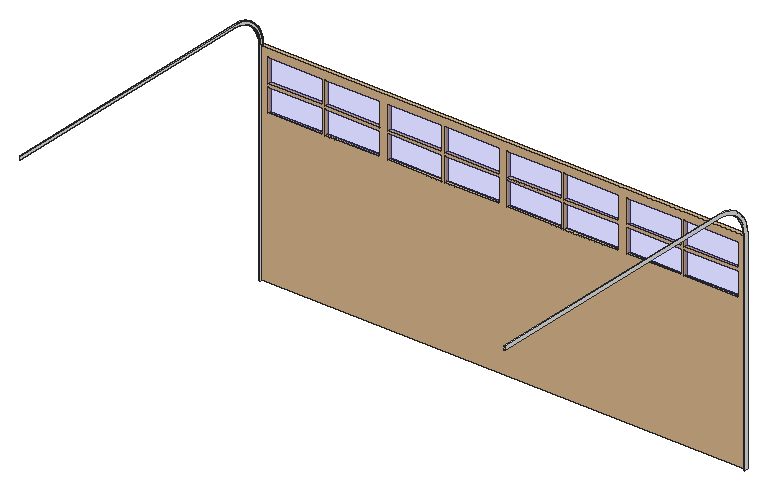
Revit family
Parameters (values of type "7Ft H x 16Ft W")
  Track Width = Width + 0' 2"  # 16' - 2"
  Track Height = Height + 1' 0"  # 8' - 0"
  Track Depth = 10' - 0"
  Track = Metal
  SmartBIM Object Version = 1  # constant formula
  SmartBIM Object Created By = "Reed Construction Data"  # constant formula
  Rough Width = 0' - 0"
  Rough Height = 0' - 0"
  Panel Thickness = 0' - 1 1/2"
  Manufacturer = ""
  Height = 7' - 0"
  Wall Closure = (empty or 0)
  Width = 16' - 0"
  Door Glass = Glass
  Door = Wood
  95 CSI = "08360"  # constant formula
  04 CSI = "08 36 13"  # constant formula
Types (3): name | Track Width | Width
  (no name) | 16' - 2" | 16' - 0"
  7Ft H x 8Ft W | 8' - 2" | 8' - 0"
  7Ft H x 16Ft W | 16' - 2" | 16' - 0"
Reference planes (in)
  plane 1 "Center (Front/Back)": y = 0
  plane 2 "Center (Left/Right)": x = 0
  plane 3 "Left": x = -96
  plane 4 "Right": x = 96
  plane 5 "Top": z = 84
  plane 6: x = -97
  plane 7: x = 97
  plane 8: y = -3.25
  plane 9: z = 60.75
  plane 10: z = 20.25
  plane 11: z = 40.5
  plane 12: z = 81
  plane 13: x = 48
  plane 14: x = -48
  plane 15: y = -2.5
  plane 16: y = -2.5
  plane 17 "Ext": y = -3.25
  plane 18: y = -2.5
  plane 19 "Int": y = -1.75
  plane 20: x = -72
  plane 21: x = -24
  plane 22: x = 24
  plane 23: x = 72
  plane 24: z = 70.875
Forms (in)
  Extrusion 1, solid, material "Wood" <- "Door"
    sketch origin (0, 0, 0) x (1, 0, 0) y (0, 0, 1)
      loop
        line (-97, 84) -> (-97, 0) -> (97, 0) -> (97, 84) -> (-97, 84)
      loop
        line (94.5, 60.75) -> (94.5, 70.375) -> (72.5, 70.375) -> (72.5, 60.75) -> (94.5, 60.75)
      loop
        line (46.5, 60.75) -> (46.5, 70.375) -> (24.5, 70.375) -> (24.5, 60.75) -> (46.5, 60.75)
      loop
        line (49.5, 81) -> (49.5, 71.375) -> (71.5, 71.375) -> (71.5, 81) -> (49.5, 81)
      loop
        line (94.5, 81) -> (72.5, 81) -> (72.5, 71.375) -> (94.5, 71.375) -> (94.5, 81)
      loop
        line (46.5, 81) -> (24.5, 81) -> (24.5, 71.375) -> (46.5, 71.375) -> (46.5, 81)
      loop
        line (-1.5, 60.75) -> (-1.5, 70.375) -> (-23.5, 70.375) -> (-23.5, 60.75) -> (-1.5, 60.75)
      loop
        line (1.5, 81) -> (1.5, 71.375) -> (23.5, 71.375) -> (23.5, 81) -> (1.5, 81)
      loop
        line (-1.5, 81) -> (-23.5, 81) -> (-23.5, 71.375) -> (-1.5, 71.375) -> (-1.5, 81)
      loop
        line (-49.5, 60.75) -> (-49.5, 70.375) -> (-71.5, 70.375) -> (-71.5, 60.75) -> (-49.5, 60.75)
      loop
        line (-46.5, 81) -> (-46.5, 71.375) -> (-24.5, 71.375) -> (-24.5, 81) -> (-46.5, 81)
      loop
        line (-49.5, 81) -> (-71.5, 81) -> (-71.5, 71.375) -> (-49.5, 71.375) -> (-49.5, 81)
      loop
        line (-94.5, 81) -> (-94.5, 71.375) -> (-72.5, 71.375) -> (-72.5, 81) -> (-94.5, 81)
      loop
        line (-72.5, 60.75) -> (-72.5, 70.375) -> (-94.5, 70.375) -> (-94.5, 60.75) -> (-72.5, 60.75)
      loop
        line (-24.5, 60.75) -> (-24.5, 70.375) -> (-46.5, 70.375) -> (-46.5, 60.75) -> (-24.5, 60.75)
      loop
        line (23.5, 60.75) -> (23.5, 70.375) -> (1.5, 70.375) -> (1.5, 60.75) -> (23.5, 60.75)
      loop
        line (71.5, 60.75) -> (71.5, 70.375) -> (49.5, 70.375) -> (49.5, 60.75) -> (71.5, 60.75)
    from 1.75 to 3.25
  Extrusion 2, solid, material "Glass" <- "Door Glass"
    sketch origin (0, 0, 0) x (1, 0, 0) y (0, 0, 1)
      loop
        line (94.5, 81) -> (49.5, 81) -> (49.5, 60.75) -> (94.5, 60.75) -> (94.5, 81)
      loop
        line (46.5, 81) -> (1.5, 81) -> (1.5, 60.75) -> (46.5, 60.75) -> (46.5, 81)
      loop
        line (-1.5, 81) -> (-46.5, 81) -> (-46.5, 60.75) -> (-1.5, 60.75) -> (-1.5, 81)
      loop
        line (-49.5, 81) -> (-94.5, 81) -> (-94.5, 60.75) -> (-49.5, 60.75) -> (-49.5, 81)
    from 2.375 to 2.625
Lines and regions (in)
  Opening 1
    outline origin (-90, -1.75, 0) x (1, 0, 0) y (0, 0, 1)
      loop
        line (-6, 0) -> (186, 0) -> (186, 84) -> (-6, 84) -> (-6, 0)
  model lines
    curve 1: line (1.5, -1.75, 42) -> (94.5, -1.75, 42)
    curve 2: line (94.5, -1.75, 42) -> (94.5, -1.75, 59.25)
    curve 3: line (94.5, -1.75, 59.25) -> (1.5, -1.75, 59.25)
    curve 4: line (93, -1.75, 57.75) -> (3, -1.75, 57.75)
    curve 5: line (3, -1.75, 43.5) -> (93, -1.75, 43.5)
    curve 6: line (93, -1.75, 43.5) -> (93, -1.75, 57.75)
    curve 7: line (1.5, -1.75, 59.25) -> (1.5, -1.75, 42)
    curve 8: line (3, -1.75, 57.75) -> (3, -1.75, 43.5)
    curve 9: line (-1.5, -1.75, 59.25) -> (-1.5, -1.75, 42)
    curve 10: line (-1.5, -1.75, 42) -> (-94.5, -1.75, 42)
    curve 11: line (-94.5, -1.75, 59.25) -> (-1.5, -1.75, 59.25)
    curve 12: line (-93, -1.75, 57.75) -> (-3, -1.75, 57.75)
    curve 13: line (-3, -1.75, 57.75) -> (-3, -1.75, 43.5)
    curve 14: line (-3, -1.75, 43.5) -> (-93, -1.75, 43.5)
    curve 15: line (-94.5, -1.75, 59.25) -> (-94.5, -1.75, 42)
    curve 16: line (-93, -1.75, 57.75) -> (-93, -1.75, 43.5)
    curve 17: line (-94.5, -1.75, 39) -> (-94.5, -1.75, 21.75)
    curve 18: line (-93, -1.75, 37.5) -> (-93, -1.75, 23.25)
    curve 19: line (-94.5, -1.75, 21.75) -> (-1.5, -1.75, 21.75)
    curve 20: line (-1.5, -1.75, 21.75) -> (-1.5, -1.75, 39)
    curve 21: line (-1.5, -1.75, 39) -> (-94.5, -1.75, 39)
    curve 22: line (-3, -1.75, 37.5) -> (-93, -1.75, 37.5)
    curve 23: line (-93, -1.75, 23.25) -> (-3, -1.75, 23.25)
    curve 24: line (-3, -1.75, 23.25) -> (-3, -1.75, 37.5)
    curve 25: line (1.5, -1.75, 21.75) -> (1.5, -1.75, 39)
    curve 26: line (3, -1.75, 23.25) -> (3, -1.75, 37.5)
    curve 27: line (1.5, -1.75, 21.75) -> (94.5, -1.75, 21.75)
    curve 28: line (94.5, -1.75, 21.75) -> (94.5, -1.75, 39)
    curve 29: line (94.5, -1.75, 39) -> (1.5, -1.75, 39)
    curve 30: line (93, -1.75, 37.5) -> (3, -1.75, 37.5)
    curve 31: line (3, -1.75, 23.25) -> (93, -1.75, 23.25)
    curve 32: line (93, -1.75, 23.25) -> (93, -1.75, 37.5)
    curve 33: line (-94.5, -1.75, 0) -> (-94.5, -1.75, 18.75)
    curve 34: line (-93, -1.75, 3) -> (-93, -1.75, 17.25)
    curve 35: line (-1.5, -1.75, 0) -> (-1.5, -1.75, 18.75)
    curve 36: line (-1.5, -1.75, 18.75) -> (-94.5, -1.75, 18.75)
    curve 37: line (-93, -1.75, 3) -> (-3, -1.75, 3)
    curve 38: line (-3, -1.75, 3) -> (-3, -1.75, 17.25)
    curve 39: line (-3, -1.75, 17.25) -> (-93, -1.75, 17.25)
    curve 40: line (1.5, -1.75, 0) -> (1.5, -1.75, 18.75)
    curve 41: line (3, -1.75, 3) -> (3, -1.75, 17.25)
    curve 42: line (94.5, -1.75, 0) -> (94.5, -1.75, 18.75)
    curve 43: line (94.5, -1.75, 18.75) -> (1.5, -1.75, 18.75)
    curve 44: line (3, -1.75, 3) -> (93, -1.75, 3)
    curve 45: line (93, -1.75, 3) -> (93, -1.75, 17.25)
    curve 46: line (93, -1.75, 17.25) -> (3, -1.75, 17.25)
    curve 47: line (-94.5, -3.25, 59.25) -> (-1.5, -3.25, 59.25)
    curve 48: line (-1.5, -3.25, 59.25) -> (-1.5, -3.25, 42)
    curve 49: line (-1.5, -3.25, 42) -> (-94.5, -3.25, 42)
    curve 50: line (-94.5, -3.25, 42) -> (-94.5, -3.25, 59.25)
    curve 51: line (-93, -3.25, 57.75) -> (-3, -3.25, 57.75)
    curve 52: line (-3, -3.25, 57.75) -> (-3, -3.25, 43.5)
    curve 53: line (-3, -3.25, 43.5) -> (-93, -3.25, 43.5)
    curve 54: line (-93, -3.25, 43.5) -> (-93, -3.25, 57.75)
    curve 55: line (3, -3.25, 57.75) -> (3, -3.25, 43.5)
    curve 56: line (3, -3.25, 43.5) -> (93, -3.25, 43.5)
    curve 57: line (93, -3.25, 43.5) -> (93, -3.25, 57.75)
    curve 58: line (93, -3.25, 57.75) -> (3, -3.25, 57.75)
    curve 59: line (1.5, -3.25, 42) -> (94.5, -3.25, 42)
    curve 60: line (94.5, -3.25, 42) -> (94.5, -3.25, 59.25)
    curve 61: line (94.5, -3.25, 59.25) -> (1.5, -3.25, 59.25)
    curve 62: line (1.5, -3.25, 59.25) -> (1.5, -3.25, 42)
    curve 63: line (3, -3.25, 23.25) -> (93, -3.25, 23.25)
    curve 64: line (93, -3.25, 23.25) -> (93, -3.25, 37.5)
    curve 65: line (93, -3.25, 37.5) -> (3, -3.25, 37.5)
    curve 66: line (3, -3.25, 37.5) -> (3, -3.25, 23.25)
    curve 67: line (1.5, -3.25, 21.75) -> (94.5, -3.25, 21.75)
    curve 68: line (94.5, -3.25, 21.75) -> (94.5, -3.25, 39)
    curve 69: line (94.5, -3.25, 39) -> (1.5, -3.25, 39)
    curve 70: line (1.5, -3.25, 39) -> (1.5, -3.25, 21.75)
    curve 71: line (-3, -3.25, 37.5) -> (-93, -3.25, 37.5)
    curve 72: line (-93, -3.25, 37.5) -> (-93, -3.25, 23.25)
    curve 73: line (-93, -3.25, 23.25) -> (-3, -3.25, 23.25)
    curve 74: line (-3, -3.25, 23.25) -> (-3, -3.25, 37.5)
    curve 75: line (-94.5, -3.25, 39) -> (-94.5, -3.25, 21.75)
    curve 76: line (-94.5, -3.25, 21.75) -> (-1.5, -3.25, 21.75)
    curve 77: line (-1.5, -3.25, 21.75) -> (-1.5, -3.25, 39)
    curve 78: line (-1.5, -3.25, 39) -> (-94.5, -3.25, 39)
    curve 79: line (-93, -3.25, 3) -> (-93, -3.25, 17.25)
    curve 80: line (-93, -3.25, 17.25) -> (-3, -3.25, 17.25)
    curve 81: line (-3, -3.25, 17.25) -> (-3, -3.25, 3)
    curve 82: line (-3, -3.25, 3) -> (-93, -3.25, 3)
    curve 83: line (-94.5, -3.25, 1.5) -> (-1.5, -3.25, 1.5)
    curve 84: line (-1.5, -3.25, 1.5) -> (-1.5, -3.25, 18.75)
    curve 85: line (-1.5, -3.25, 18.75) -> (-94.5, -3.25, 18.75)
    curve 86: line (-94.5, -3.25, 18.75) -> (-94.5, -3.25, 1.5)
    curve 87: line (1.5, -3.25, 1.5) -> (94.5, -3.25, 1.5)
    curve 88: line (94.5, -3.25, 1.5) -> (94.5, -3.25, 18.75)
    curve 89: line (94.5, -3.25, 18.75) -> (1.5, -3.25, 18.75)
    curve 90: line (1.5, -3.25, 18.75) -> (1.5, -3.25, 1.5)
    curve 91: line (93, -3.25, 17.25) -> (3, -3.25, 17.25)
    curve 92: line (3, -3.25, 17.25) -> (3, -3.25, 3)
    curve 93: line (3, -3.25, 3) -> (93, -3.25, 3)
    curve 94: line (93, -3.25, 3) -> (93, -3.25, 17.25)
    curve 95: line (-93, -3.25, 57.75) -> (-94.5, -3.25, 59.25)
    curve 96: line (-3, -3.25, 57.75) -> (-1.5, -3.25, 59.25)
    curve 97: line (-3, -3.25, 43.5) -> (-1.5, -3.25, 42)
    curve 98: line (-93, -3.25, 43.5) -> (-94.5, -3.25, 42)
    curve 99: line (3, -3.25, 57.75) -> (1.5, -3.25, 59.25)
    curve 100: line (93, -3.25, 57.75) -> (94.5, -3.25, 59.25)
    curve 101: line (93, -3.25, 43.5) -> (94.5, -3.25, 42)
    curve 102: line (3, -3.25, 43.5) -> (1.5, -3.25, 42)
    curve 103: line (3, -3.25, 37.5) -> (1.5, -3.25, 39)
    curve 104: line (93, -3.25, 37.5) -> (94.5, -3.25, 39)
    curve 105: line (93, -3.25, 23.25) -> (94.5, -3.25, 21.75)
    curve 106: line (3, -3.25, 23.25) -> (1.5, -3.25, 21.75)
    curve 107: line (-3, -3.25, 23.25) -> (-1.5, -3.25, 21.75)
    curve 108: line (-3, -3.25, 37.5) -> (-1.5, -3.25, 39)
    curve 109: line (-93, -3.25, 37.5) -> (-94.5, -3.25, 39)
    curve 110: line (-93, -3.25, 23.25) -> (-94.5, -3.25, 21.75)
    curve 111: line (-93, -3.25, 17.25) -> (-94.5, -3.25, 18.75)
    curve 112: line (-3, -3.25, 17.25) -> (-1.5, -3.25, 18.75)
    curve 113: line (-3, -3.25, 3) -> (-1.5, -3.25, 1.5)
    curve 114: line (-93, -3.25, 3) -> (-94.5, -3.25, 1.5)
    curve 115: line (3, -3.25, 3) -> (1.5, -3.25, 1.5)
    curve 116: line (3, -3.25, 17.25) -> (1.5, -3.25, 18.75)
    curve 117: line (93, -3.25, 17.25) -> (94.5, -3.25, 18.75)
    curve 118: line (93, -3.25, 3) -> (94.5, -3.25, 1.5)
Text (in)
  text "Exterior" at (-74.96733, 27.31104, 0), in view "Ref. Level"
  text "Interior" at (-76.69036, -30.31274, 0), in view "Ref. Level"
  text "Exterior" at (0, 40.15149, 123.01588), in view "Right"
  text "Interior" at (0, -64.39139, 123.01588), in view "Right"
  text "Interior" at (0, -31.01599, 123.00693), in view "Left"
  text "Exterior" at (0, 54.57065, 123.00693), in view "Left"
Dimensions and locks (in)
  equal spacing: plane 3 "Left", plane 2 "Center (Left/Right)", plane 4 "Right"
  "Height": level to plane 5 "Top"
  "Width": plane 3 "Left" to plane 4 "Right"
  locked: plane 6 to plane 3 "Left" at 1
  locked: plane 4 "Right" to plane 7 at 1
  locked: plane 12 to plane 5 "Top" at 3
  equal spacing: level, plane 10, plane 11, plane 9, plane 12
  equal spacing: plane 2 "Center (Left/Right)", plane 13, plane 4 "Right"
  equal spacing: plane 2 "Center (Left/Right)", plane 14, plane 3 "Left"
  locked: Extrusion 1 sketch curve to plane 4 "Right" at 1.5
  equal spacing: Extrusion 1 sketch curve, plane 13, Extrusion 1 sketch curve
  locked: Extrusion 1 sketch curve to Extrusion 1 sketch curve at 3  (x3)
  equal spacing: Extrusion 1 sketch curve, plane 2 "Center (Left/Right)", Extrusion 1 sketch curve
  equal spacing: Extrusion 1 sketch curve, plane 14, Extrusion 1 sketch curve
  locked: Extrusion 1 sketch curve to plane 3 "Left" at 1.5
  locked: Extrusion 2 to Extrusion 2 at 0.25  (x2)
  host wall to plane 15 to plane 8 = 0' - 0 3/4", 0' - 0 3/4"
  equal spacing: Extrusion 2, plane 16, Extrusion 2
  plane 14 to Extrusion 1 = 0' - 1 1/2"
  equal spacing: plane 17 "Ext", plane 18, plane 19 "Int"
  locked: curve 6 to curve 2 at 1.5
  locked: curve 4 to curve 3 at 1.5
  locked: curve 1 to curve 5 at 1.5
  locked: curve 8 to curve 7 at 1.5
  locked: curve 9 to curve 13 at 1.5
  locked: curve 15 to curve 16 at 1.5
  "Panel Thickness": plane 19 "Int" to plane 17 "Ext"
  equal spacing: Extrusion 1 sketch curve, plane 23, Extrusion 1 sketch curve  (x2)
  equal spacing: plane 13, plane 23, plane 4 "Right"
  equal spacing: plane 13, plane 22, plane 2 "Center (Left/Right)"
  equal spacing: Extrusion 1 sketch curve, plane 22, Extrusion 1 sketch curve
  locked: Extrusion 1 sketch curve to Extrusion 1 sketch curve at 1  (x4)
  equal spacing: plane 2 "Center (Left/Right)", plane 21, plane 14
  equal spacing: Extrusion 1 sketch curve, plane 21, Extrusion 1 sketch curve
  equal spacing: plane 3 "Left", plane 20, plane 14
  equal spacing: Extrusion 1 sketch curve, plane 20, Extrusion 1 sketch curve
  equal spacing: plane 12, plane 24, plane 9
  equal spacing: Extrusion 1 sketch curve, plane 24, Extrusion 1 sketch curve
  aligned and locked: plane 3 "Left" to Opening 1 sketch curve
  aligned and locked: plane 5 "Top" to Opening 1 sketch curve
  aligned and locked: Opening 1 sketch curve to plane 5 "Top"
  aligned and locked: Opening 1 sketch curve to plane 4 "Right"
  aligned and locked: Opening 1 sketch curve to level
  aligned and locked: Extrusion 1 sketch curve to plane 6
  aligned and locked: Extrusion 1 sketch curve to plane 7
  aligned and locked: Extrusion 1 sketch curve to level
  aligned and locked: Extrusion 1 sketch curve to host wall
  aligned and locked: plane 12 to Extrusion 1 sketch curve  (x4)
  aligned and locked: plane 9 to Extrusion 1 sketch curve  (x4)
  aligned and locked: Extrusion 1 sketch curve to plane 9
  aligned and locked: Extrusion 2 sketch curve to Extrusion 1  (x16)
  aligned and locked: plane 15 to plane 16
  aligned and locked: host wall to plane 19 "Int"
  aligned and locked: plane 16 to plane 18
  aligned and locked: plane 17 "Ext" to Extrusion 1
  aligned and locked: Extrusion 1 to host wall
  aligned and locked: Extrusion 1 sketch curve to Extrusion 1 sketch curve  (x18)
  aligned and locked: curve 47 to curve 11
  aligned and locked: curve 48 to curve 9
  aligned and locked: curve 49 to curve 10
  aligned and locked: curve 50 to curve 15
  aligned and locked: curve 51 to curve 12
  aligned and locked: curve 52 to curve 13
  aligned and locked: curve 53 to curve 14
  aligned and locked: curve 54 to curve 16
  aligned and locked: curve 55 to curve 8
  aligned and locked: curve 56 to curve 5
  aligned and locked: curve 57 to curve 6
  aligned and locked: curve 58 to curve 4
  aligned and locked: curve 59 to curve 1
  aligned and locked: curve 60 to curve 2
  aligned and locked: curve 61 to curve 3
  aligned and locked: curve 62 to curve 7
  aligned and locked: curve 63 to curve 31
  aligned and locked: curve 64 to curve 32
  aligned and locked: curve 65 to curve 30
  aligned and locked: curve 66 to curve 26
  aligned and locked: curve 67 to curve 27
  aligned and locked: curve 68 to curve 28
  aligned and locked: curve 69 to curve 29
  aligned and locked: curve 70 to curve 25
  aligned and locked: curve 71 to curve 22
  aligned and locked: curve 72 to curve 18
  aligned and locked: curve 73 to curve 23
  aligned and locked: curve 74 to curve 24
  aligned and locked: curve 75 to curve 17
  aligned and locked: curve 76 to curve 19
  aligned and locked: curve 77 to curve 20
  aligned and locked: curve 78 to curve 21
  aligned and locked: curve 79 to curve 34
  aligned and locked: curve 80 to curve 39
  aligned and locked: curve 81 to curve 38
  aligned and locked: curve 82 to curve 37
  aligned and locked: curve 35 to curve 84
  aligned and locked: curve 85 to curve 36
  aligned and locked: curve 86 to curve 33
  aligned and locked: curve 42 to curve 88
  aligned and locked: curve 89 to curve 43
  aligned and locked: curve 90 to curve 40
  aligned and locked: curve 91 to curve 46
  aligned and locked: curve 92 to curve 41
  aligned and locked: curve 93 to curve 44
  aligned and locked: curve 94 to curve 45
  aligned and locked: Extrusion 1 to curve 42
  aligned and locked: Extrusion 1 to curve 40
  aligned and locked: Extrusion 1 to curve 35
  aligned and locked: Extrusion 1 to curve 33
  aligned and locked: nested 1 to plane 2 "Center (Left/Right)"
  aligned and locked: plane 18 to nested 1
Automatic sketch dimensions
  Extrusion 1 sketch curve to plane 9 = 0' - 0"  (x3)
  Extrusion 1 sketch curve to plane 12 = 0' - 0"  (x4)
  Extrusion 1 sketch curve to Extrusion 1 sketch curve = 0' - 0"  (x6)
  plane 14 to Extrusion 1 sketch curve = 0' - 1 1/2"
  Extrusion 1 sketch curve to plane 2 "Center (Left/Right)" = 0' - 1 1/2"
  plane 2 "Center (Left/Right)" to Extrusion 1 sketch curve = 0' - 1 1/2"
  Extrusion 1 sketch curve to plane 13 = 0' - 1 1/2"
  Extrusion 1 sketch curve to Extrusion 1 sketch curve = 0' - 1"  (x2)
  Extrusion 1 sketch curve to plane 23 = 0' - 0 1/2"
  curve 17 to plane 3 "Left" = 0' - 1 1/2"
  curve 33 to plane 3 "Left" = 0' - 1 1/2"
  curve 13 to plane 2 "Center (Left/Right)" = 0' - 3"
  curve 37 to plane 2 "Center (Left/Right)" = 0' - 3"
  curve 22 to plane 2 "Center (Left/Right)" = 0' - 3"
  curve 21 to plane 2 "Center (Left/Right)" = 0' - 1 1/2"
  plane 2 "Center (Left/Right)" to curve 1 = 0' - 1 1/2"
  plane 2 "Center (Left/Right)" to curve 25 = 0' - 1 1/2"
  curve 25 to curve 26 = 0' - 1 1/2"  (x2)
  curve 40 to curve 46 = 0' - 1 1/2"
  plane 4 "Right" to curve 32 = 0' - 3"
  plane 4 "Right" to curve 5 = 0' - 3"
  plane 4 "Right" to curve 27 = 0' - 1 1/2"
  curve 45 to plane 10 = 0' - 3"
  curve 34 to plane 10 = 0' - 3"
  curve 40 to plane 10 = 0' - 1 1/2"
  plane 10 to curve 19 = 0' - 1 1/2"
  curve 18 to plane 11 = 0' - 3"
  curve 29 to plane 11 = 0' - 1 1/2"
  curve 21 to plane 11 = 0' - 1 1/2"
  plane 11 to curve 9 = 0' - 1 1/2"
  curve 12 to plane 9 = 0' - 3"
  curve 15 to plane 9 = 0' - 1 1/2"
  plane 4 "Right" to curve 46 = 0' - 3"
  level to curve 45 = 0' - 3"
  level to curve 115 = 0' - 1 1/2"
  curve 36 to plane 2 "Center (Left/Right)" = 0' - 1 1/2"
  level to curve 83 = 0' - 1 1/2"
  level to curve 37 = 0' - 3"
  curve 4 to plane 9 = 0' - 3"
  plane 4 "Right" to curve 43 = 0' - 1 1/2"
  plane 2 "Center (Left/Right)" to curve 40 = 0' - 1 1/2"
  plane 10 to curve 28 = 0' - 1 1/2"
  curve 26 to curve 25 = 0' - 1 1/2"
  plane 11 to curve 7 = 0' - 1 1/2"
  curve 17 to curve 18 = 0' - 1 1/2"
  curve 35 to plane 10 = 0' - 1 1/2"
  curve 34 to plane 3 "Left" = 0' - 3"
  curve 17 to curve 23 = 0' - 1 1/2"
  curve 10 to curve 16 = 0' - 1 1/2"
  curve 15 to plane 3 "Left" = 0' - 1 1/2"
Nested families (in)
  nested 1: "Door Track" at (-0.5, -64, 0), Width <- "Track Width", Height <- "Track Height", Depth <- "Track Depth", type "Door Track"
    with Width 16' - 2", Height 8' - 0", Depth 10' - 0"
Definition of nested family "Door Track"
  Parameters
    Width [instance] = 10' - 0"
    Track = Metal
    Height [instance] = 11' - 0"
    Depth [instance] = 8' - 0"
  Reference planes (in)
    plane 1 "Center (Front/Back)": y = 0
    plane 2: z = 0
    plane 3 "Center (Left/Right)": x = 0.5
    plane 4 "Back": y = 48
    plane 5 "Front": y = -48
    plane 6 "Left": x = -59.5
    plane 7 "Right": x = 60.5
    plane 8 "Top": z = 132
    plane 9 "Center (Up/Down)": z = 66
    plane 10: y = 48.75
    plane 11: y = 49.5
  Forms (in)
    Sweep 1, solid, material "Metal" <- "Track"
      path origin (60.5, 60, 48) x (0, 1, 0) y (0, 0, 1)
        loop
          line (-12, -48) -> (-12, 72)
          arc (-12, 72) -> (-15.51472, 80.48528) -> (-24, 84) r 12
          line (-24, 84) -> (-108, 84)
      profile origin (60.5, -6, 132) x (0, 0, -1) y (1, 0, 0)
        loop
          line (-1.5, 0) -> (-1.375, 0) -> (-1.375, 0.375) -> (-0.125, 0.375) -> (-0.125, 0) -> (0, 0) -> (0, 0.5) -> (-1.5, 0.5) -> (-1.5, 0)
    Sweep 2, solid, material "Metal" <- "Track"
      path origin (-59.5, 60, 48) x (0, 1, 0) y (0, 0, 1)
        loop
          line (-12, -48) -> (-12, 72)
          arc (-12, 72) -> (-15.51472, 80.48528) -> (-24, 84) r 12
          line (-24, 84) -> (-108, 84)
      profile origin (-59.5, -6, 132) x (0, 0, -1) y (1, 0, 0)
        loop
          line (-1.5, 0) -> (-1.5, -0.5) -> (0, -0.5) -> (0, 0) -> (-0.125, 0) -> (-0.125, -0.375) -> (-1.375, -0.375) -> (-1.375, 0) -> (-1.5, 0)
  Dimensions and locks (in)
    equal spacing: plane 6 "Left", plane 3 "Center (Left/Right)", plane 7 "Right"
    "Width": plane 6 "Left" to plane 7 "Right"
    equal spacing: plane 4 "Back", plane 1 "Center (Front/Back)", plane 5 "Front"
    "Depth": plane 4 "Back" to plane 5 "Front"
    "Height": plane 8 "Top" to plane 2
    equal spacing: plane 8 "Top", plane 9 "Center (Up/Down)", level
    locked: Sweep 2 sketch curve to Sweep 2 sketch curve at 0.125  (x3)
    locked: Sweep 2 sketch curve to Sweep 2 sketch curve at 0.5  (x2)
    locked: Sweep 2 sketch curve to Sweep 2 sketch curve at 1.5
    locked: Sweep 1 sketch curve to Sweep 1 sketch curve at 0.5  (x2)
    locked: Sweep 1 sketch curve to Sweep 1 sketch curve at 0.125  (x3)
    locked: Sweep 1 sketch curve to Sweep 1 sketch curve at 1.5
    equal spacing: plane 4 "Back", plane 10, plane 11
    locked: plane 10 to plane 11 at 0.75
    radius of Sweep 1 sketch curve = 1' - 0"
    radius of Sweep 2 sketch curve = 1' - 0"
    aligned and locked: plane 8 "Top" to Sweep 1 sketch curve  (x2)
    aligned and locked: plane 5 "Front" to Sweep 1 sketch curve
    aligned and locked: plane 4 "Back" to Sweep 1 sketch curve
    aligned and locked: plane 4 "Back" to Sweep 2 sketch curve
    aligned and locked: plane 5 "Front" to Sweep 2 sketch curve
    aligned and locked: level to Sweep 2 sketch curve
    aligned and locked: Sweep 2 sketch curve to profile plane  (x2)
    aligned and locked: Sweep 1 sketch curve to profile plane
    aligned and locked: plane 11 to Sweep 1
  Automatic sketch dimensions
    Sweep 1 sketch curve to level = 0' - 0"
    Sweep 2 sketch curve to plane 8 "Top" = 0' - 0"
